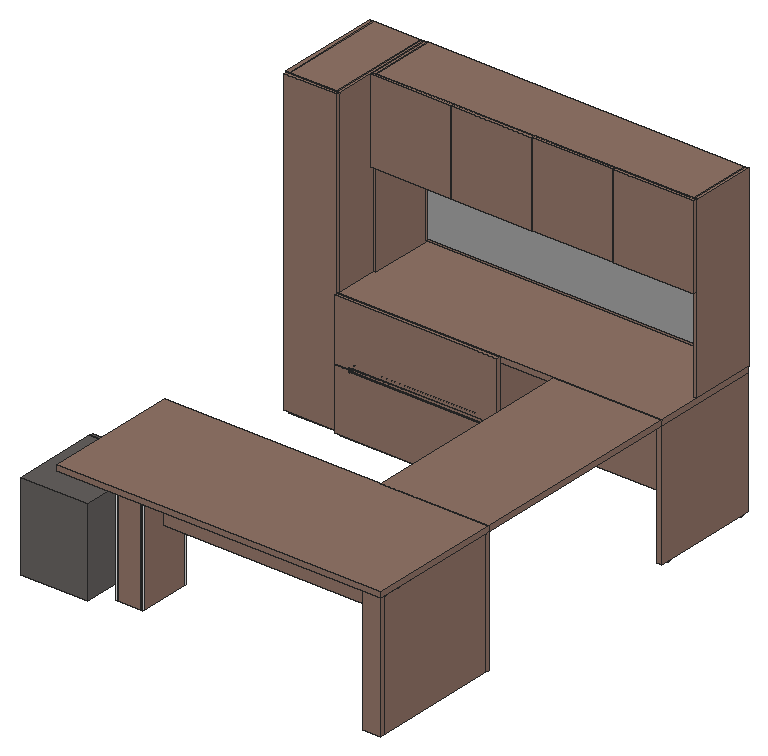
Revit family "OFS TYPICAL T100002", category Furniture, Revit 2022 (continued)
Definition of nested family "OFS SLATE BRIDGES"
  Automatic sketch dimensions
    Extrusion 19 sketch curve to Extrusion 19 sketch curve = 0' - 0 3/4"
    Extrusion 19 sketch curve to plane 17 = 1' - 0 13/16"
    plane 18 to Extrusion 20 sketch curve = 0' - 0"
    plane 19 to Extrusion 20 sketch curve = 0' - 4"
    Extrusion 20 sketch curve to Extrusion 20 sketch curve = 0' - 0 3/4"
    Extrusion 20 sketch curve to plane 17 = 1' - 0 13/16"
    Extrusion 21 sketch curve to plane 17 = 0' - 0"
    plane 5 to Extrusion 21 sketch curve = 0' - 0 1/8"
    Extrusion 21 sketch curve to plane 11 = 0' - 1 3/32"
    Extrusion 21 sketch curve to Extrusion 21 sketch curve = 1' - 0 11/16"
    Extrusion 22 sketch curve to plane 17 = 0' - 0"
    Extrusion 22 sketch curve to plane 11 = 0' - 0 3/32"
    Extrusion 22 sketch curve to plane 15 = 0' - 0 1/8"
    Extrusion 22 sketch curve to plane 17 = 1' - 0 11/16"
  Nested families (in)
    nested 1: "Tag" at (42, -24, 0) x (-1, 0, 0) z (0, 0, 1), visible <- "Bridge Top", type "Center", detail levels fine
      with Offset (LR) 0' - 0", Distance of Center (not Change) 0' - 0.1"
    nested 2: "Tag" at (-42.59375, 0, 0) x (-1, 0, 0) z (0, 0, 1), visible <- "Right Extended Bridge", type "Center", detail levels fine
      with Offset (LR) 0' - 0", Distance of Center (not Change) 0' - 0.1"
    nested 3: "Tag" at (42, 0, 0) x (-1, 0, 0) z (0, 0, 1), visible <- "Left Extended Bridge", type "Center", detail levels fine
      with Offset (LR) 0' - 0", Distance of Center (not Change) 0' - 0.1"
  Definition of nested family "Tag"
    Parameters
      P_Width = 0' - 0"
      Text_Width = "Empty"
      Text_Height = "Empty"
      Text_Diameter = "Empty"
      Text_Depth = "Empty"
      Offset (LR) [instance] = 0' - 0"
      Model Name = "EK-7168-E"
      P_Height = 0' - 0"
      Distance of Center (not Change) = 0' - 0"
      P_Diameter = 0' - 0"
      P_Depth = 0' - 0"
    Reference planes (in)
      plane 1: y = 0
      plane 2: x = 0
    Lines and regions (in)
      reference lines
        curve 1: line (-0.44359, 0, 0) -> (0.41085, 0, 0)
        curve 3: line (0, 0.32564, 0) -> (0, -0.40221, 0)
      reference lines, not visible
        curve 2: line (-0.44359, 0.09843, 0) -> (0.41085, 0.09843, 0)
        curve 4: line (0, 0.42407, 0) -> (0, -0.30379, 0)
    Text (in)
      label "Empty" at (0.00197, -0.0079, 0), shows "Model Name"
      label "Empty" at (0.00197, 0.09052, 0), shows "Model Name", not visible
    Dimensions and locks (in)
      "Distance of Center (not Change)": plane 1 to curve 1
      "Offset (LR)": curve 3 to plane 2
    Automatic sketch dimensions
      curve 1 to curve 3 = 0' - 0.44359"
      curve 3 to curve 1 = 0' - 0.41085"
      curve 3 to curve 1 = 0' - 0.40221"
      curve 1 to curve 3 = 0' - 0.32564"
      curve 2 to curve 4 = 0' - 0.44359"
      curve 4 to curve 2 = 0' - 0.41085"
      curve 4 to curve 2 = 0' - 0.40221"
      curve 2 to curve 4 = 0' - 0.32564"
Definition of nested family "OFS SLATE TACKBOARDS"
  Parameters (values of type "Tackboard 102W x 19D")
    Width = 8' - 6"
    URL = "http://www.ofs.com/"
    Model = "CA-10219HFT"
    Manufacturer = "CAROLINA"
    Height = 1' - 7"
    Elevation [instance] = 2' - 6 1/2"
    Description = "OFS SLATE Inside Back Panel, Fabric Tackboard, 98.50W x 19D x 0,5H, Slate Private Office"
    Default Elevation = 0' - 0"
    Copyright © = "© 2019 OFS"
    Catalog = "https://ofs.com/products/tables/conference/slate"
    Board [instance] = none
    Authoring Version = "Autodesk Revit Architecture 2014"
    Assembly Code = "E2020200"
    2 Piece = Width > 8' 0"  # yes
    1 Piece = not([2 Piece])  # no
  Types (18): name | Width | Model | Height | Description | 2 Piece | 1 Piece
    Tackboard 108W x 25D | 9' - 0" | "CA-10825HFT" | 2' - 1" | "OFS SLATE Inside Back Panel, Fabric Tackboard, 104.50W x 25D x 0,5H, Slate Private Office" | yes | no
    Tackboard 102W x 25D | 8' - 6" | "CA-10225HFT" | 2' - 1" | "OFS SLATE Inside Back Panel, Fabric Tackboard, 98.50W x 25D x 0,5H, Slate Private Office" | yes | no
    Tackboard 96W x 25D | 8' - 0" | "CA-9625HFT" | 2' - 1" | "OFS SLATE Inside Back Panel, Fabric Tackboard, 92.50W x 25D x 0,5H, Slate Private Office" | no | yes
    Tackboard 90W x 25D | 7' - 6" | "CA-9025HFT" | 2' - 1" | "OFS SLATE Inside Back Panel, Fabric Tackboard, 86.50W x 25D x 0,5H, Slate Private Office" | no | yes
    Tackboard 84W x 25D | 7' - 0" | "CA-8425HFT" | 2' - 1" | "OFS SLATE Inside Back Panel, Fabric Tackboard, 80.50W x 25D x 0,5H, Slate Private Office" | no | yes
    Tackboard 78W x 25D | 6' - 6" | "CA-7825HFT" | 2' - 1" | "OFS SLATE Inside Back Panel, Fabric Tackboard, 74.50W x 25D x 0,5H, Slate Private Office" | no | yes
    Tackboard 72W x 25D | 6' - 0" | "CA-7225HFT" | 2' - 1" | "OFS SLATE Inside Back Panel, Fabric Tackboard, 68.50W x 25D x 0,5H, Slate Private Office" | no | yes
    Tackboard 66W x 25D | 5' - 6" | "CA-6625HFT" | 2' - 1" | "OFS SLATE Inside Back Panel, Fabric Tackboard, 62.50W x 25D x 0,5H, Slate Private Office" | no | yes
    Tackboard 60W x 25D | 5' - 0" | "CA-6025HFT" | 2' - 1" | "OFS SLATE Inside Back Panel, Fabric Tackboard, 56.50W x 25D x 0,5H, Slate Private Office" | no | yes
    Tackboard 108W x 19D | 9' - 0" | "CA-10819HFT" | 1' - 7" | "OFS SLATE Inside Back Panel, Fabric Tackboard, 104.50W x 19D x 0,5H, Slate Private Office" | yes | no
    Tackboard 102W x 19D | 8' - 6" | "CA-10219HFT" | 1' - 7" | "OFS SLATE Inside Back Panel, Fabric Tackboard, 98.50W x 19D x 0,5H, Slate Private Office" | yes | no
    Tackboard 96W x 19D | 8' - 0" | "CA-9619HFT" | 1' - 7" | "OFS SLATE Inside Back Panel, Fabric Tackboard, 92.50W x 19D x 0,5H, Slate Private Office" | no | yes
    Tackboard 90W x 19D | 7' - 6" | "CA-9019HFT" | 1' - 7" | "OFS SLATE Inside Back Panel, Fabric Tackboard, 86.50W x 19D x 0,5H, Slate Private Office" | no | yes
    Tackboard 84W x 19D | 7' - 0" | "CA-8419HFT" | 1' - 7" | "OFS SLATE Inside Back Panel, Fabric Tackboard, 80.50W x 19D x 0,5H, Slate Private Office" | no | yes
    Tackboard 78W x 19D | 6' - 6" | "CA-7819HFT" | 1' - 7" | "OFS SLATE Inside Back Panel, Fabric Tackboard, 74.50W x 19D x 0,5H, Slate Private Office" | no | yes
    Tackboard 72W x 19D | 6' - 0" | "CA-7219HFT" | 1' - 7" | "OFS SLATE Inside Back Panel, Fabric Tackboard, 68.50W x 19D x 0,5H, Slate Private Office" | no | yes
    Tackboard 66W x 19D | 5' - 6" | "CA-6619HFT" | 1' - 7" | "OFS SLATE Inside Back Panel, Fabric Tackboard, 62.50W x 19D x 0,5H, Slate Private Office" | no | yes
    Tackboard 60W x 19D | 5' - 0" | "CA-6019HFT" | 1' - 7" | "OFS SLATE Inside Back Panel, Fabric Tackboard, 56.50W x 19D x 0,5H, Slate Private Office" | no | yes
  Reference planes (in)
    plane 1 "Center (Front/Back)": y = 0
    plane 2: z = 0
    plane 3 "Center (Left/Right)": x = 0
    plane 4: x = 51
    plane 5: x = 1.8125
    plane 6: x = 100.1875
    plane 7: x = 102
    plane 8: z = 30.5
    plane 9: z = 49.5
  Forms (in)
    Extrusion 1, solid, material <- "Board", visible <- "1 Piece"
      sketch origin (1.8125, -1.1875, 47.24409) x (0, -1, 0) y (0, 0, 1)
        loop
          line (-0.4375, 2.25591) -> (-0.4375, -16.74409) -> (0, -16.74409) -> (0, 2.25591) -> (-0.4375, 2.25591)
      from 0 to -98.375
    Extrusion 2, solid, material <- "Board", visible <- "2 Piece"
      sketch origin (1.8125, -1.1875, 47.24409) x (0, -1, 0) y (0, 0, 1)
        loop
          line (-0.4375, 2.25591) -> (-0.4375, -16.74409) -> (0, -16.74409) -> (0, 2.25591) -> (-0.4375, 2.25591)
      from 0 to -49.1875
    Extrusion 3, solid, material <- "Board", visible <- "2 Piece"
      sketch origin (58.1875, -1.1875, 47.24409) x (0, -1, 0) y (0, 0, -1)
        loop
          line (-0.4375, -2.25591) -> (0, -2.25591) -> (0, 16.74409) -> (-0.4375, 16.74409) -> (-0.4375, -2.25591)
      from 42 to -7.1875
  Lines and regions (in)
    Masking region 1
      outline origin (71.16612, -60, 49.5) x (0, -1, 0) y (1, 0, 0)
        loop
          line (-59.25, -69.35362) -> (-58.8125, -69.35362) -> (-58.8125, 29.02138) -> (-59.25, 29.02138) -> (-59.25, -69.35362)
    symbolic lines, visible <- "2 Piece", detail levels medium+fine
      curve 1: line (51, -1.1875, 49.5) -> (51, -0.75, 49.5)
  Dimensions and locks (in)
    locked: plane 3 "Center (Left/Right)" to plane 5 at 1.8125
    locked: plane 6 to plane 7 at 1.8125
    "Width": plane 3 "Center (Left/Right)" to plane 7
    equal spacing: plane 5, plane 4, plane 6
    "Elevation": plane 8 to level
    "Height": plane 9 to plane 8
    aligned and locked: level to plane 2
    aligned and locked: plane 8 to Extrusion 1 sketch curve
    aligned and locked: plane 9 to Extrusion 1 sketch curve
    aligned and locked: plane 6 to Extrusion 1
    aligned and locked: Extrusion 2 sketch curve to Extrusion 1  (x2)
    aligned and locked: Extrusion 2 to plane 4
    aligned and locked: plane 4 to Extrusion 3
    aligned and locked: plane 6 to Extrusion 3
    aligned and locked: plane 9 to Extrusion 3 sketch curve
    aligned and locked: plane 8 to Extrusion 3 sketch curve
    aligned and locked: nested 1 to Extrusion 3
    aligned and locked: plane 4 to nested 1
    aligned and locked: Masking region 1 sketch curve to Extrusion 1  (x2)
    aligned and locked: plane 4 to curve 1
  Automatic sketch dimensions
    plane 1 "Center (Front/Back)" to Extrusion 1 sketch curve = 0' - 0 3/4"
    Extrusion 1 sketch curve to Extrusion 1 sketch curve = 0' - 0 7/16"
    plane 1 "Center (Front/Back)" to Extrusion 2 sketch curve = 0' - 0 3/4"
    Extrusion 2 sketch curve to Extrusion 2 sketch curve = 0' - 0 7/16"
    plane 1 "Center (Front/Back)" to Extrusion 3 sketch curve = 0' - 0 3/4"
    Extrusion 3 sketch curve to Extrusion 3 sketch curve = 0' - 0 7/16"
    plane 1 "Center (Front/Back)" to Masking region 1 sketch curve = 0' - 0 3/4"
    Masking region 1 sketch curve to Masking region 1 sketch curve = 0' - 0 7/16"
    plane 1 "Center (Front/Back)" to curve 1 = 0' - 0 3/4"
    plane 1 "Center (Front/Back)" to curve 1 = 0' - 1 3/16"
  Nested families (in)
    nested 1: "Tag" at (51, -1.1875, 0), type "Center", detail levels fine
      with Offset (LR) 0' - 0", Distance of Center (not Change) 0' - 0.11"
  Definition of nested family "Tag"
    Parameters
      P_Width = 0' - 0"
      Text_Width = "Empty"
      Text_Height = "Empty"
      Text_Diameter = "Empty"
      Text_Depth = "Empty"
      Offset (LR) [instance] = 0' - 0"
      Model Name = "Type Catalog"
      P_Height = 0' - 0"
      Distance of Center (not Change) = 0' - 0.1"
      P_Diameter = 0' - 0"
      P_Depth = 0' - 0"
    Reference planes (in)
      plane 1: y = 0
      plane 2: x = 0
    Lines and regions (in)
      reference lines
        curve 1: line (-0.44359, 0.1, 0) -> (0.41085, 0.1, 0)
        curve 3: line (0, 0.42564, 0) -> (0, -0.30221, 0)
      reference lines, not visible
        curve 2: line (-0.44359, 0.09843, 0) -> (0.41085, 0.09843, 0)
        curve 4: line (0, 0.42407, 0) -> (0, -0.30379, 0)
    Text (in)
      label "Empty" at (0.00197, 0.0921, 0), shows "Model Name"
      label "Empty" at (0.00197, 0.09052, 0), shows "Model Name", not visible
    Dimensions and locks (in)
      "Distance of Center (not Change)": plane 1 to curve 1
      "Offset (LR)": curve 3 to plane 2
    Automatic sketch dimensions
      curve 1 to curve 3 = 0' - 0.44359"
      curve 3 to curve 1 = 0' - 0.41085"
      curve 3 to curve 1 = 0' - 0.40221"
      curve 1 to curve 3 = 0' - 0.32564"
      curve 2 to curve 4 = 0' - 0.44359"
      curve 4 to curve 2 = 0' - 0.41085"
      curve 4 to curve 2 = 0' - 0.40221"
      curve 2 to curve 4 = 0' - 0.32564"
Definition of nested family "OFS SLATE CREDENZA SINGLE LATERAL FILE"
  Parameters (values of type "Credenza Single Lateral 108W Left, 36 file")
    Width = 9' - 0"
    URL = "http://www.ofs.com/"
    Type = 2
    Top [instance] = none
    Right = Type = 1  # no
    Panel [instance] = none
    Mount Panel [instance] = none
    Model = "CA-10824CRLL-2"
    Manufacturer = "CAROLINA"
    Length = if(Width = 6' 0", 3' 0", if(Width = 7' 6", 1' 6", if(Width = 9' 0", 3' 0", 2' 6")))  # 3' - 0"
    Left = Type = 2  # yes
    Glides [instance] = none
    Drawers [instance] = none
    Description = "OFS SLATE Credenza Single Lateral Left, 36 File 108W x 24D x 29,25H, Slate Private Office"
    Default Elevation = 0' - 0"
    Copyright © = "© 2019 OFS"
    Catalog = "https://ofs.com/products/tables/conference/slate"
    Case [instance] = none
    Base [instance] = none
    Authoring Version = "Autodesk Revit Architecture 2014"
    Assembly Code = "E2020200"
    Acessories = Width > 6' 0"  # yes
  Types (10): name | Width | Type | Right | Model | Length | Left | Description | Acessories
    Credenza Single Lateral 108W Left, 36 file | 9' - 0" | 2 | no | "CA-10824CRLL-2" | 3' - 0" | yes | "OFS SLATE Credenza Single Lateral Left, 36 File 108W x 24D x 29,25H, Slate Private Office" | yes
    Credenza Single Lateral 90W Left, 36 file | 7' - 6" | 2 | no | "CA-9024CRLL-2" | 1' - 6" | yes | "OFS SLATE Credenza Single Lateral Left, 36 File 90W x 24D x 29,25H, Slate Private Office" | yes
    Credenza Single Lateral 72W Left, 36 file | 6' - 0" | 2 | no | "CA-7224CRLL-2" | 3' - 0" | yes | "OFS SLATE Credenza Single Lateral Left, 36 File 72W x 24D x 29,25H, Slate Private Office" | no
    Credenza Single Lateral 66W Left, 30 file | 5' - 6" | 2 | no | "CA-6624CRLL-2" | 2' - 6" | yes | "OFS SLATE Credenza Single Lateral Left, 30 File 66W x 24D x 29,25H, Slate Private Office" | no
    Credenza Single Lateral 60W Left, 30 file | 5' - 0" | 2 | no | "CA-6024CRLL-2" | 2' - 6" | yes | "OFS SLATE Credenza Single Lateral Left, 30 File 60W x 24D x 29,25H, Slate Private Office" | no
    Credenza Single Lateral 108W Right, 36 file | 9' - 0" | 1 | yes | "CA-10824CRRL-2" | 3' - 0" | no | "OFS SLATE Credenza Single Lateral Right, 36 File 108W x 24D x 29,25H, Slate Private Office" | yes
    Credenza Single Lateral 90W Right, 36 file | 7' - 6" | 1 | yes | "CA-9024CRRL-2" | 1' - 6" | no | "OFS SLATE Credenza Single Lateral Right, 36 File 90W x 24D x 29,25H, Slate Private Office" | yes
    Credenza Single Lateral 72W Right, 36 file | 6' - 0" | 1 | yes | "CA-7224CRRL-2-2" | 3' - 0" | no | "OFS SLATE Credenza Single Lateral Right, 36 File 72W x 24D x 29,25H, Slate Private Office" | no
    Credenza Single Lateral 66W Right, 30 file | 5' - 6" | 1 | yes | "CA-6624CRRL-2" | 2' - 6" | no | "OFS SLATE Credenza Single Lateral Right, 30 File 66W x 24D x 29,25H, Slate Private Office" | no
    Credenza Single Lateral 60W Right, 30 file | 5' - 0" | 1 | yes | "CA-6024CRRL-2" | 2' - 6" | no | "OFS SLATE Credenza Single Lateral Right, 30 File 60W x 24D x 29,25H, Slate Private Office" | no
  Reference planes (in)
    plane 1 "Center (Front/Back)": y = 0
    plane 2: z = 0
    plane 3 "Center (Left/Right)": x = 0
    plane 4: x = -108
    plane 5: z = 29.2
    plane 6: z = 28.0125
    plane 7: z = 27.2625
    plane 8: z = 14.45
    plane 9: z = 15.48125
    plane 10: z = 0.45
    plane 11: y = 24
    plane 12: y = 12
    plane 13: y = 22.62456
    plane 14: y = 2.25044
    plane 15: x = 108
  Dimensions and locks (in)
    "Width": plane 4 to plane 3 "Center (Left/Right)"
    equal spacing: plane 11, plane 12, plane 1 "Center (Front/Back)"
    locked: plane 11 to plane 1 "Center (Front/Back)" at 24
    equal spacing: plane 4, nested 1, plane 3 "Center (Left/Right)"
    "Width": plane 15 to plane 3 "Center (Left/Right)"
    equal spacing: plane 15, nested 2, plane 3 "Center (Left/Right)"
    aligned and locked: level to plane 2
  Nested families (in)
    nested 1: "Tag" at (-54, -0.82971, 0) x (-1, 0, 0) z (0, 0, 1), visible <- "Left", type "Center", detail levels fine
      with Offset (LR) 0' - 0", Distance of Center (not Change) 0' - 0.11"
    nested 2: "Tag" at (54, -0.82971, 0), visible <- "Right", type "Center", detail levels fine
      with Offset (LR) 0' - 0", Distance of Center (not Change) 0' - 0.11"
    nested 3: "OFS_Slate Private Office_Credenza_Single_Lateral_File" at (0, 0, 0), visible <- "Left", Top <- "Top", Panel <- "Panel", Mount Panel <- "Mount Panel", Glides <- "Glides", Drawers <- "Drawers", Case <- "Case", Base <- "Base", type "OFS_Slate Private Office_Credenza_Single_Lateral_File"
      with Top none, Right no, Panel none, Mount Panel none, Left yes, Glides none, Drawers none, Case none, Base none, Width 9' - 0", Length 3' - 0", Acessories yes
    nested 4: "OFS_Slate Private Office_Credenza_Single_Lateral_File" at (0, 0, 0) x (-1, 0, 0) z (0, 0, 1), visible <- "Right", Top <- "Top", Panel <- "Panel", Mount Panel <- "Mount Panel", Glides <- "Glides", Drawers <- "Drawers", Case <- "Case", Base <- "Base", type "OFS_Slate Private Office_Credenza_Single_Lateral_File"
      with Top none, Right no, Panel none, Mount Panel none, Left yes, Glides none, Drawers none, Case none, Base none, Width 9' - 0", Length 3' - 0", Acessories yes
  Definition of nested family "OFS_Slate Private Office_Credenza_Single_Lateral_File"
    Parameters
      Width = 5' - 0"
      URL = "http://www.ofsbrands.com/"
      Top [instance] = none
      Right [instance] = yes
      Panel [instance] = none
      Mount Panel [instance] = none
      Model = "Type Catalog"
      Manufacturer = "OFS BRANDS"  # constant formula
      Length = if(Width = 6' 0", 3' 0", if(Width = 7' 6", 1' 6", if(Width = 9' 0", 3' 0", 2' 6")))  # 2' - 6"
      Left [instance] = yes
      Glides [instance] = none
      Drawers [instance] = none
      Description = "Type Catalog"
      Default Elevation = 0' - 0"
      Copyright © = "© 2016 OFS BRANDS"  # constant formula
      Catalog = "OFS"  # constant formula
      Case [instance] = none
      Base [instance] = none
      Authoring Version = "Autodesk Revit Architecture 2014"  # constant formula
      Assembly Code = "E2020200"
      Acessories = Width > 6' 0"  # no
    Reference planes (in)
      plane 1 "Center (Front/Back)": y = 0
      plane 2: z = 0
      plane 3 "Center (Left/Right)": x = 0
      plane 4: x = -60
      plane 5: z = 29.2
      plane 6: z = 28.0125
      plane 7: z = 27.2625
      plane 8: z = 14.45
      plane 9: z = 15.48125
      plane 10: z = 0.45
      plane 11: x = -30
      plane 12: y = 24
      plane 13: y = 12
      plane 14: y = 22.62456
      plane 15: y = 2.25044
      plane 16: x = -58.6091
      plane 17: x = -31.3909
      plane 18: x = -0.59375
      plane 19: x = -30
      plane 20: x = -36.59375
    Forms (in)
      Revolve 1, solid, material <- "Glides"
        sketch origin (-58.6091, 22.99766, 47.24409) x (0, -1, 0) y (0, 0, 1)
          loop
            line (0.3731, -47.24409) -> (0.3731, -46.79409) -> (0.08442, -46.79409) -> (0.08442, -46.99165)
            arc (0.08442, -46.99165) -> (-0.00059, -47.13636) -> (0.1281, -47.24409) r 0.12988
            line (0.1281, -47.24409) -> (0.3731, -47.24409)
          axis (0.3731, -46.79409) -> (0.3731, -47.24409)
        angle from 0 to 360
      Revolve 2, solid, material <- "Glides"
        sketch origin (-58.6091, 1.00234, 47.24409) x (0, 1, 0) y (0, 0, -1)
          loop
            line (1.2481, 47.24409) -> (1.0031, 47.24409)
            arc (1.0031, 47.24409) -> (0.87441, 47.13636) -> (0.95942, 46.99165) r 0.12988
            line (0.95942, 46.99165) -> (0.95942, 46.79409) -> (1.2481, 46.79409) -> (1.2481, 47.24409)
          axis (1.2481, 46.79409) -> (1.2481, 47.24409)
        angle from 0 to 360
      Revolve 3, solid, material <- "Glides"
        sketch origin (-31.3909, 22.99766, 47.24409) x (0, -1, 0) y (0, 0, 1)
          loop
            line (0.3731, -47.24409) -> (0.3731, -46.79409) -> (0.08442, -46.79409) -> (0.08442, -46.99165)
            arc (0.08442, -46.99165) -> (-0.00059, -47.13636) -> (0.1281, -47.24409) r 0.12988
            line (0.1281, -47.24409) -> (0.3731, -47.24409)
          axis (0.3731, -46.79409) -> (0.3731, -47.24409)
        angle from 0 to 360
      Revolve 4, solid, material <- "Glides"
        sketch origin (-31.3909, 22.99766, 47.24409) x (0, -1, 0) y (0, 0, 1)
          loop
            line (20.74722, -47.24409) -> (20.99222, -47.24409)
            arc (20.99222, -47.24409) -> (21.12091, -47.13636) -> (21.0359, -46.99165) r 0.12988
            line (21.0359, -46.99165) -> (21.0359, -46.79409) -> (20.74722, -46.79409) -> (20.74722, -47.24409)
          axis (20.74722, -46.79409) -> (20.74722, -47.24409)
        angle from 0 to 360
      Revolve 5, solid, material <- "Glides"
        sketch origin (-0.59375, 22.99766, 47.24409) x (0, -1, 0) y (0, 0, 1)
          loop
            line (0.3731, -47.24409) -> (0.3731, -46.79409) -> (0.08442, -46.79409) -> (0.08442, -46.99165)
            arc (0.08442, -46.99165) -> (-0.00059, -47.13636) -> (0.1281, -47.24409) r 0.12988
            line (0.1281, -47.24409) -> (0.3731, -47.24409)
          axis (0.3731, -46.79409) -> (0.3731, -47.24409)
        angle from 0 to 360
      Revolve 6, solid, material <- "Glides"
        sketch origin (-0.59375, 22.99766, 47.24409) x (0, -1, 0) y (0, 0, 1)
          loop
            line (20.74722, -47.24409) -> (20.99222, -47.24409)
            arc (20.99222, -47.24409) -> (21.12091, -47.13636) -> (21.0359, -46.99165) r 0.12988
            line (21.0359, -46.99165) -> (21.0359, -46.79409) -> (20.74722, -46.79409) -> (20.74722, -47.24409)
          axis (20.74722, -46.79409) -> (20.74722, -47.24409)
        angle from 0 to 360
      Extrusion 7, solid, material <- "Mount Panel"
        sketch origin (0, 0, 0) x (1, 0, 0) y (0, 1, 0)
          loop
            line (-30, 24) -> (-30, 20.75) -> (-29.25, 20.75) -> (-29.25, 24) -> (-30, 24)
          loop
            line (-1.9375, 24) -> (-1.9375, 20.75) -> (-1.1875, 20.75) -> (-1.1875, 24) -> (-1.9375, 24)
        from 0.45 to 28.0125
      Extrusion 8, solid, material <- "Mount Panel"
        sketch origin (0, 0, 0) x (1, 0, 0) y (0, 0, 1)
          loop
            line (-30, 14.45) -> (-30, 0.45) -> (-1.1875, 0.45) -> (-1.1875, 14.45) -> (-30, 14.45)
        from -20.75 to -20
      Extrusion 9, solid, material <- "Mount Panel"
        sketch origin (0, 0, 0) x (1, 0, 0) y (0, 0, 1)
          loop
            line (-29.875, 14.575) -> (-1.3125, 14.575) -> (-1.3125, 27.2625) -> (-29.875, 27.2625) -> (-29.875, 14.575)
        from -20 to -20.75
      Extrusion 10, solid, material <- "Top"
        sketch origin (-58.6091, 22.99766, 47.24409) x (0, -1, 0) y (0, 0, 1)
          loop
            line (-1.00234, -18.04409) -> (-1.00234, -19.2316) -> (22.99766, -19.2316) -> (22.99766, -18.04409) -> (-1.00234, -18.04409)
        from 1.3909 to -58.6091
      Extrusion 11, solid, material <- "Case"
        sketch origin (0, 0, 0) x (1, 0, 0) y (0, 0, 1)
          loop
            line (-60, 28.0125) -> (-60, 1.7) -> (-59.25, 1.7) -> (-59.25, 28.0125) -> (-60, 28.0125)
        from 0 to -24
      Sweep 12, solid, material <- "Case"
        path origin (4.6577, -60, 0.45) x (0, -1, 0) y (1, 0, 0)
          loop
            line (-84, -63.9077) -> (-61.625, -63.9077) -> (-61.625, -35.4077) -> (-84, -35.4077)
        profile origin (-45, 1.625, 0.45) x (0, 1, 0) y (0, 0, 1)
          loop
            line (0, 0) -> (0, 1.25) -> (-0.75, 1.25) -> (-0.75, 0) -> (0, 0)
      Extrusion 13, solid, material <- "Case"
        sketch origin (-30, 29.25769, 47.24409) x (0, -1, 0) y (0, 0, 1)
          loop
            line (29.25769, -45.54409) -> (29.25769, -19.2316) -> (5.25769, -19.2316) -> (5.25769, -45.54409) -> (29.25769, -45.54409)
        from 0 to 0.75
      Extrusion 14, solid, material <- "Drawers"
        sketch origin (0, 0, 0) x (1, 0, 0) y (0, 0, 1)
          loop
            line (-59.875, 29.1375) -> (-59.875, 15.48125) -> (-30, 15.48125) -> (-30, 29.1375) -> (-59.875, 29.1375)
          loop
            line (-30, 15.35625) -> (-59.875, 15.35625) -> (-59.875, 1.7) -> (-30, 1.7) -> (-30, 15.35625)
        from 0.08661 to 0.83661
      Extrusion 15, solid, material <- "Case"
        sketch origin (4.6577, -60, 0.45) x (0, -1, 0) y (-1, 0, 0)
          loop
            line (-83.25, 63.9077) -> (-83.25, 62.4077) -> (-81.75, 62.4077) -> (-81.75, 63.9077) -> (-83.25, 63.9077)
          loop
            line (-63.125, 62.4077) -> (-61.625, 62.4077) -> (-61.625, 63.9077) -> (-63.125, 63.9077) -> (-63.125, 62.4077)
          loop
            line (-63.125, 36.9077) -> (-63.125, 35.4077) -> (-61.625, 35.4077) -> (-61.625, 36.9077) -> (-63.125, 36.9077)
          loop
            line (-83.25, 36.9077) -> (-83.25, 35.4077) -> (-81.75, 35.4077) -> (-81.75, 36.9077) -> (-83.25, 36.9077)
        from 0 to -1.25
      Extrusion 16, solid, material <- "Base"
        sketch origin (-59.875, 0, 1.7) x (0, -1, 0) y (-1, 0, 0)
          loop
            line (-23.25, -0.625) -> (-23.25, -29.125) -> (0, -29.125) -> (0, -0.625) -> (-23.25, -0.625)
        from 0 to -0.75
      Sweep 17, void
        path origin (0, -0.83661, 0) x (1, 0, 0) y (0, 0, 1)
          loop
            arc (-56.31491, 16.23051) -> (-57.12667, 15.41875) -> (-56.31491, 14.60699) r 0.81176
            line (-56.31491, 14.60699) -> (-33.56009, 14.60699)
            arc (-33.56009, 14.60699) -> (-32.74833, 15.41875) -> (-33.56009, 16.23051) r 0.81176
            line (-33.56009, 16.23051) -> (-56.31491, 16.23051)
        profile origin (-44.9375, -0.83661, 16.23051) x (0, 0, 1) y (0, -1, 0)
          loop
            line (-0.74926, 0) -> (-0.74926, -0.59375) -> (-0.23321, -0.59375)
            arc (-0.23321, -0.59375) -> (-0.00108, -0.37984) -> (-0.19535, -0.13104) r 0.23291
            arc (-0.19535, -0.13104) -> (-0.23397, -0.10917) -> (-0.24927, -0.06751) r 0.06438
            line (-0.24927, -0.06751) -> (-0.24927, 0) -> (-0.74926, 0)
      Extrusion 18, solid, material <- "Panel"
        sketch origin (0, 0, 0) x (1, 0, 0) y (0, 0, 1)
          loop
            line (-1.1875, 28.0125) -> (-1.1875, 0.45) -> (0, 0.45) -> (0, 28.0125) -> (-1.1875, 28.0125)
        from 0 to -24
      Extrusion 19, solid, material <- "Case"
        sketch origin (-59.875, 0, 1.7) x (0, -1, 0) y (-1, 0, 0)
          loop
            line (-23.25, -0.625) -> (-24, -0.625) -> (-24, -29.125) -> (-23.25, -29.125) -> (-23.25, -0.625)
        from 1.25 to -26.3125
      Extrusion 20, solid, material <- "Mount Panel", visible <- "Acessories"
        sketch origin (-36.59375, 20.75, 47.24409) x (0, 1, 0) y (0, 0, 1)
          loop
            line (3.25, -19.2316) -> (0, -19.2316) -> (0, -46.79409) -> (3.25, -46.79409) -> (3.25, -19.2316)
        from -0.375 to 0.375
      Extrusion 21, void
        sketch origin (-78.64777, -60, 29.2) x (0, -1, 0) y (-1, 0, 0)
          loop
            line (-80.75, -41.92902) -> (-80.75, -42.17902) -> (-80, -42.17902) -> (-80, -41.92902) -> (-80.75, -41.92902)
        from 1.9375 to 14.625
    Cuts and joins
      Sweep 17 cuts Extrusion 14
      joined: Revolve 1, Revolve 2, Revolve 3, Revolve 4, Revolve 5, Revolve 6
      joined: Extrusion 11, Sweep 12, Extrusion 13, Extrusion 19
      Extrusion 21 cuts Extrusion 9
      Extrusion 21 cuts Extrusion 20
    Lines and regions (in)
      Masking region 1
        outline origin (-78.64777, -60, 29.2) x (-1, 0, 0) y (0, -1, 0)
          loop
            line (-18.64777, -84) -> (-18.64777, -60) -> (-78.64777, -60) -> (-78.64777, -84) -> (-18.64777, -84)
          loop
            line (-18.77276, -59.16339) -> (-48.64777, -59.16339) -> (-48.64777, -59.91339) -> (-18.77276, -59.91339) -> (-18.77276, -59.16339)
      reference lines, visible <- "Left"
        curve 1: line (-60, -4.62788, 29.2) -> (-60, 29.25769, 29.2)
      reference lines, visible <- "Right"
        curve 2: line (0, -4.62788, 29.2) -> (0, 29.25769, 29.2)
    Dimensions and locks (in)
      "Width": plane 4 to plane 3 "Center (Left/Right)"
      equal spacing: plane 12, plane 13, plane 1 "Center (Front/Back)"
      locked: plane 12 to plane 1 "Center (Front/Back)" at 24
      locked: plane 18 to plane 3 "Center (Left/Right)" at 0.59375
      "Length": plane 4 to plane 19
      locked: plane 4 to plane 16 at 1.3909
      locked: plane 17 to plane 19 at 1.3909
      locked: plane 11 to Extrusion 7 sketch curve at 0.75
      locked: Extrusion 7 sketch curve to plane 18 at 1.34375
      locked: plane 4 to Sweep 12 sketch curve at 0.75
      locked: Sweep 12 sketch curve to plane 19 at 0.75
      Extrusion 15 sketch curve to Extrusion 15 sketch curve to plane 19 = 0' - 1 1/2" locked, 0' - 0 3/4" locked
      locked: plane 4 to Extrusion 16 sketch curve at 0.75
      locked: Extrusion 16 sketch curve to plane 19 at 0.75
      locked: plane 19 to plane 11
      plane 4 to plane 3 "Center (Left/Right)" = 5' - 0"
      locked: plane 4 to Sweep 17 sketch curve at 3.68509
      locked: Sweep 17 sketch curve to plane 19 at 3.56009
      locked: plane 20 to plane 18 at 36
      Extrusion 21 sketch curve to plane 20 to Extrusion 21 sketch curve = 0' - 0 1/8" locked, 0' - 0 1/8" locked
      aligned and locked: level to plane 2
      aligned and locked: Extrusion 7 sketch curve to plane 11
      aligned and locked: Extrusion 10 sketch curve to plane 5
      aligned and locked: Extrusion 10 sketch curve to plane 12
      aligned and locked: Extrusion 10 sketch curve to plane 6
      aligned and locked: Extrusion 10 sketch curve to plane 1 "Center (Front/Back)"
      aligned and locked: plane 4 to Extrusion 10
      aligned and locked: plane 3 "Center (Left/Right)" to Extrusion 10
      aligned and locked: Extrusion 15 sketch curve to Extrusion 15 sketch curve  (x2)
      aligned and locked: Masking region 1 sketch curve to Sweep 12  (x2)
      aligned and locked: Masking region 1 sketch curve to Extrusion 10  (x2)
    Automatic sketch dimensions
      plane 10 to Revolve 1 sketch curve = 0' - 0"
      Revolve 1 sketch curve to level = 0' - 0"  (x2)
      Revolve 1 sketch curve to plane 14 = 0' - 0"  (x2)
      plane 14 to Revolve 1 sketch curve = 0' - 0.245"
      Revolve 1 sketch curve to Revolve 1 sketch curve = 0' - 0.00072"
      Revolve 1 sketch curve to Revolve 1 sketch curve = 0' - 0 11/256"
      level to Revolve 1 sketch curve = 0' - 0.12988"
      Revolve 1 sketch curve to level = 0' - 0.06704"
      plane 10 to Revolve 2 sketch curve = 0' - 0"
      Revolve 2 sketch curve to level = 0' - 0"  (x2)
      Revolve 2 sketch curve to plane 15 = 0' - 0"  (x2)
      Revolve 2 sketch curve to Revolve 2 sketch curve = 0' - 0.245"
      Revolve 2 sketch curve to Revolve 2 sketch curve = 0' - 0.00072"
      Revolve 2 sketch curve to Revolve 2 sketch curve = 0' - 0 11/256"
      Revolve 2 sketch curve to Revolve 2 sketch curve = 0' - 0.19756"
      Revolve 2 sketch curve to level = 0' - 0.06704"
      plane 10 to Revolve 3 sketch curve = 0' - 0"
      Revolve 3 sketch curve to level = 0' - 0"  (x2)
      Revolve 3 sketch curve to plane 14 = 0' - 0"  (x2)
      Revolve 3 sketch curve to plane 14 = 0' - 0.245"
      Revolve 3 sketch curve to Revolve 3 sketch curve = 0' - 0.00072"
      Revolve 3 sketch curve to Revolve 3 sketch curve = 0' - 0 11/256"
      Revolve 3 sketch curve to level = 0' - 0.12988"
      level to Revolve 3 sketch curve = 0' - 0.06704"
      Revolve 4 sketch curve to level = 0' - 0"  (x2)
      Revolve 4 sketch curve to plane 15 = 0' - 0"  (x2)
      plane 10 to Revolve 4 sketch curve = 0' - 0"
      plane 15 to Revolve 4 sketch curve = 0' - 0.245"
      Revolve 4 sketch curve to Revolve 4 sketch curve = 0' - 0.00072"
      plane 15 to Revolve 4 sketch curve = 0' - 0.28868"
      Revolve 4 sketch curve to level = 0' - 0.12988"
      level to Revolve 4 sketch curve = 0' - 0.06704"
      plane 10 to Revolve 5 sketch curve = 0' - 0"
      Revolve 5 sketch curve to level = 0' - 0"  (x2)
      Revolve 5 sketch curve to plane 14 = 0' - 0"  (x2)
      Revolve 5 sketch curve to Revolve 5 sketch curve = 0' - 0.245"
      Revolve 5 sketch curve to Revolve 5 sketch curve = 0' - 0.00072"
      Revolve 5 sketch curve to Revolve 5 sketch curve = 0' - 0 11/256"
      Revolve 5 sketch curve to level = 0' - 0.12988"
      level to Revolve 5 sketch curve = 0' - 0.06704"
      Revolve 6 sketch curve to level = 0' - 0"  (x2)
      Revolve 6 sketch curve to plane 15 = 0' - 0"  (x2)
      plane 10 to Revolve 6 sketch curve = 0' - 0"
      plane 15 to Revolve 6 sketch curve = 0' - 0.245"
      Revolve 6 sketch curve to Revolve 6 sketch curve = 0' - 0.00072"
      plane 15 to Revolve 6 sketch curve = 0' - 0.28868"
      Revolve 6 sketch curve to level = 0' - 0.12988"
      level to Revolve 6 sketch curve = 0' - 0.06704"
      Extrusion 7 sketch curve to plane 12 = 0' - 0"  (x2)
      Extrusion 7 sketch curve to plane 18 = 0' - 0 19/32"
      Extrusion 7 sketch curve to plane 14 = 0' - 1.87456"  (x2)
      Extrusion 8 sketch curve to plane 10 = 0' - 0"
      plane 11 to Extrusion 8 sketch curve = 0' - 0"
      Extrusion 8 sketch curve to plane 8 = 0' - 0"
      Extrusion 8 sketch curve to plane 18 = 0' - 0 19/32"
      Extrusion 9 sketch curve to plane 7 = 0' - 0"
      Extrusion 9 sketch curve to plane 11 = 0' - 0 1/8"
      Extrusion 9 sketch curve to plane 18 = 0' - 0 23/32"
      Extrusion 9 sketch curve to plane 8 = 0' - 0 1/8"
      plane 4 to Extrusion 11 sketch curve = 0' - 0"
      Extrusion 11 sketch curve to plane 6 = 0' - 0"
      plane 16 to Extrusion 11 sketch curve = 0' - 0.6409"
      Extrusion 11 sketch curve to plane 10 = 0' - 1 1/4"
      Sweep 12 sketch curve to plane 1 "Center (Front/Back)" = 0' - 1 5/8"
      plane 14 to Sweep 12 sketch curve = 0' - 1.37544"  (x2)
      plane 10 to Sweep 12 sketch curve = 0' - 0"
      Sweep 12 sketch curve to profile plane = 0' - 0"
      profile plane to Sweep 12 sketch curve = 0' - 0 3/4"
      Sweep 12 sketch curve to plane 10 = 0' - 1 1/4"
      Extrusion 13 sketch curve to plane 12 = 0' - 0"
      Extrusion 13 sketch curve to plane 1 "Center (Front/Back)" = 0' - 0"
      plane 6 to Extrusion 13 sketch curve = 0' - 0"
      Extrusion 13 sketch curve to plane 10 = 0' - 1 1/4"
      Extrusion 14 sketch curve to plane 5 = 0' - 0 1/16"
      Extrusion 14 sketch curve to plane 9 = 0' - 0"
      plane 11 to Extrusion 14 sketch curve = 0' - 0"  (x2)
      plane 16 to Extrusion 14 sketch curve = 0' - 1.26591"
      Extrusion 14 sketch curve to Extrusion 14 sketch curve = 0' - 0"
      Extrusion 14 sketch curve to Extrusion 14 sketch curve = 0' - 0 1/8"
      Extrusion 14 sketch curve to plane 10 = 0' - 1 1/4"
      plane 14 to Extrusion 15 sketch curve = 0' - 0.62544"  (x2)
      Extrusion 15 sketch curve to plane 14 = 0' - 0.87456"  (x2)
      plane 15 to Extrusion 15 sketch curve = 0' - 0.87456"  (x2)
      Extrusion 15 sketch curve to plane 15 = 0' - 0.62544"  (x2)
      plane 16 to Extrusion 15 sketch curve = 0' - 0.6409"  (x2)
      Extrusion 15 sketch curve to plane 16 = 0' - 0.8591"  (x2)
      Extrusion 14 to Extrusion 16 sketch curve = 1' - 11.33661"
      Extrusion 14 to Extrusion 16 sketch curve = 0' - 0.08661"
      Sweep 17 sketch curve to Extrusion 14 = 0' - 0.74926"
      Extrusion 14 to Sweep 17 sketch curve = 0' - 0 1/16"
      Sweep 17 sketch curve to profile plane = 0' - 0"
      profile plane to Sweep 17 sketch curve = 0' - 0.74926"
      Sweep 17 sketch curve to profile plane = 0' - 0.06751"
      profile plane to Sweep 17 sketch curve = 0' - 0.24927"
      profile plane to Sweep 17 sketch curve = 0' - 0.23321"
      Sweep 17 sketch curve to Sweep 17 sketch curve = 0' - 0.06438"
      Sweep 17 sketch curve to Sweep 17 sketch curve = 0' - 0.29333"
      Sweep 17 sketch curve to Sweep 17 sketch curve = 0' - 0.23291"
      Extrusion 18 sketch curve to plane 10 = 0' - 0"
      Extrusion 18 sketch curve to plane 6 = 0' - 0"
      Extrusion 18 sketch curve to plane 3 "Center (Left/Right)" = 0' - 0"
      Extrusion 18 sketch curve to plane 18 = 0' - 0 19/32"
      Extrusion 19 sketch curve to Extrusion 14 = 0' - 0 5/8"
      Extrusion 14 to Extrusion 19 sketch curve = 2' - 0.08661"
      Extrusion 19 sketch curve to Extrusion 19 sketch curve = 0' - 0 3/4"
      Extrusion 14 to Extrusion 19 sketch curve = 0' - 0 3/4"
      Masking region 1 sketch curve to plane 11 = 0' - 0"
      Masking region 1 sketch curve to plane 4 = 0' - 0 1/8"
      plane 1 "Center (Front/Back)" to Masking region 1 sketch curve = 0' - 0.08661"
      Masking region 1 sketch curve to Masking region 1 sketch curve = 0' - 0 3/4"
      plane 6 to Extrusion 20 sketch curve = 0' - 0"
      plane 10 to Extrusion 20 sketch curve = 0' - 0"
      Extrusion 20 sketch curve to plane 14 = 0' - 1.87456"
      plane 14 to Extrusion 20 sketch curve = 0' - 1.37544"
      Extrusion 21 sketch curve to plane 14 = 0' - 1.87456"
      Extrusion 21 sketch curve to Extrusion 21 sketch curve = 0' - 0 3/4"
      curve 2 to plane 3 "Center (Left/Right)" = 0' - 0"
      curve 1 to plane 4 = 0' - 0"
      plane 12 to curve 1 = 0' - 5.25769"
      plane 12 to curve 2 = 0' - 5.25769"
      plane 1 "Center (Front/Back)" to curve 2 = 0' - 4.62788"
      plane 1 "Center (Front/Back)" to curve 1 = 0' - 4.62788"
  Definition of nested family "Tag"
    Parameters
      P_Width = 0' - 0"
      Text_Width = "Empty"
      Text_Height = "Empty"
      Text_Diameter = "Empty"
      Text_Depth = "Empty"
      Offset (LR) [instance] = 0' - 0"
      Model Name = ""
      P_Height = 0' - 0"
      Distance of Center (not Change) = 0' - 0"
      P_Diameter = 0' - 0"
      P_Depth = 0' - 0"
    Reference planes (in)
      plane 1: y = 0
      plane 2: x = 0
    Lines and regions (in)
      reference lines
        curve 1: line (-0.44359, 0, 0) -> (0.41085, 0, 0)
        curve 3: line (0, 0.32564, 0) -> (0, -0.40221, 0)
      reference lines, not visible
        curve 2: line (-0.44359, 0.09843, 0) -> (0.41085, 0.09843, 0)
        curve 4: line (0, 0.42407, 0) -> (0, -0.30379, 0)
    Text (in)
      label "Empty" at (0.00197, -0.0079, 0), shows "Model Name"
      label "Empty" at (0.00197, 0.09052, 0), shows "Model Name", not visible
    Dimensions and locks (in)
      "Distance of Center (not Change)": plane 1 to curve 1
      "Offset (LR)": curve 3 to plane 2
    Automatic sketch dimensions
      curve 1 to curve 3 = 0' - 0.44359"
      curve 3 to curve 1 = 0' - 0.41085"
      curve 3 to curve 1 = 0' - 0.40221"
      curve 1 to curve 3 = 0' - 0.32564"
      curve 2 to curve 4 = 0' - 0.44359"
      curve 4 to curve 2 = 0' - 0.41085"
      curve 4 to curve 2 = 0' - 0.40221"
      curve 2 to curve 4 = 0' - 0.32564"
Definition of nested family "OFS SLATE PENINSULA WORKTABLE WITH POST BASE"
  Parameters (values of type "Arc Left - 60"W x 30"D")
    Width = 5' - 0"
    URL = "http://www.ofs.com/"
    Top [instance] = none
    Right = no
    Rectangular Top = no
    Panel [instance] = none
    Model = "CA-6030WPWABL"
    Mid Panel [instance] = none
    Manufacturer = "CAROLINA"
    Left = yes
    Glides [instance] = none
    Description = "OFS CAROLINA SLATE Peninsula Work Table Arc End Top, Post Base Left, 60W x 30D x 29.25H, Slate Private Office"
    Depth = 2' - 6"
    Default Elevation = 0' - 0"
    Copyright © = "© 2019 OFS"
    Catalog = "https://ofs.com/products/casegoods/private-office/"
    Case [instance] = none
    Base Support Wood [instance] = none
    Base Support Metal [instance] = none
    Authoring Version = "Autodesk Revit Architecture 2014"
    Assembly Code = "E2020200"
    Arc End Top = yes
  Types (24): name | Width | Right | Rectangular Top | Model | Left | Description | Depth | Arc End Top
    Arc Left - 84"W x 36"D | 7' - 0" | no | no | "CA-8436WPWABL" | yes | "OFS CAROLINA SLATE Peninsula Work Table Arc End Top, Post Base Left, 84W x 36D x 29.25H, Slate Private Office" | 3' - 0" | yes
    Arc Left - 78"W x 36"D | 6' - 6" | no | no | "CA-7836WPWABL" | yes | "OFS CAROLINA SLATE Peninsula Work Table Arc End Top, Post Base Left, 78W x 36D x 29.25H, Slate Private Office" | 3' - 0" | yes
    Arc Left - 72"W x 36"D | 6' - 0" | no | no | "CA-7236WPWABL" | yes | "OFS CAROLINA SLATE Peninsula Work Table Arc End Top, Post Base Left, 72W x 36D x 29.25H, Slate Private Office" | 3' - 0" | yes
    Arc Left - 72"W x 30"D | 6' - 0" | no | no | "CA-7230WPWABL" | yes | "OFS CAROLINA SLATE Peninsula Work Table Arc End Top, Post Base Left, 72W x 30D x 29.25H, Slate Private Office" | 2' - 6" | yes
    Arc Left - 66"W x 30"D | 5' - 6" | no | no | "CA-6630WPWABL" | yes | "OFS CAROLINA SLATE Peninsula Work Table Arc End Top, Post Base Left, 66W x 30D x 29.25H, Slate Private Office" | 2' - 6" | yes
    Arc Left - 60"W x 30"D | 5' - 0" | no | no | "CA-6030WPWABL" | yes | "OFS CAROLINA SLATE Peninsula Work Table Arc End Top, Post Base Left, 60W x 30D x 29.25H, Slate Private Office" | 2' - 6" | yes
    Arc Right - 84"W x 36"D | 7' - 0" | yes | no | "CA-8436WPWABR" | no | "OFS CAROLINA SLATE Peninsula Work Table Arc End Top, Post Base Right, 84W x 36D x 29.25H, Slate Private Office" | 3' - 0" | yes
    Arc Right - 78"W x 36"D | 6' - 6" | yes | no | "CA-7836WPWABR" | no | "OFS CAROLINA SLATE Peninsula Work Table Arc End Top, Post Base Right, 78W x 36D x 29.25H, Slate Private Office" | 3' - 0" | yes
    Arc Right - 72"W x 36"D | 6' - 0" | yes | no | "CA-7236WPWABR" | no | "OFS CAROLINA SLATE Peninsula Work Table Arc End Top, Post Base Right, 72W x 36D x 29.25H, Slate Private Office" | 3' - 0" | yes
    Arc Right - 72"W x 30"D | 6' - 0" | yes | no | "CA-7230WPWABR" | no | "OFS CAROLINA SLATE Peninsula Work Table Arc End Top, Post Base Right, 72W x 30D x 29.25H, Slate Private Office" | 2' - 6" | yes
    Arc Right - 66"W x 30"D | 5' - 6" | yes | no | "CA-6630WPWABR" | no | "OFS CAROLINA SLATE Peninsula Work Table Arc End Top, Post Base Right, 66W x 30D x 29.25H, Slate Private Office" | 2' - 6" | yes
    Arc Right - 60"W x 30"D | 5' - 0" | yes | no | "CA-6030WPWABR" | no | "OFS CAROLINA SLATE Peninsula Work Table Arc End Top, Post Base Right, 60W x 30D x 29.25H, Slate Private Office" | 2' - 6" | yes
    Rectangular Left - 84"W x 36"D | 7' - 0" | no | yes | "CA-8436WPWBL" | yes | "OFS CAROLINA SLATE Peninsula Work Table Rectangular, Post Base Left, 84W x 36D x 29.25H, Slate Private Office" | 3' - 0" | no
    Rectangular Left - 78"W x 36"D | 6' - 6" | no | yes | "CA-7836WPWBL" | yes | "OFS CAROLINA SLATE Peninsula Work Table Rectangular, Post Base Left, 78W x 36D x 29.25H, Slate Private Office" | 3' - 0" | no
    Rectangular Left - 72"W x 36"D | 6' - 0" | no | yes | "CA-7236WPWBL" | yes | "OFS CAROLINA SLATE Peninsula Work Table Rectangular, Post Base Left, 72W x 36D x 29.25H, Slate Private Office" | 3' - 0" | no
    Rectangular Left - 72"W x 30"D | 6' - 0" | no | yes | "CA-7230WPWBL" | yes | "OFS CAROLINA SLATE Peninsula Work Table Rectangular, Post Base Left, 72W x 30D x 29.25H, Slate Private Office" | 2' - 6" | no
    Rectangular Left - 66"W x 30"D | 5' - 6" | no | yes | "CA-6630WPWBL" | yes | "OFS CAROLINA SLATE Peninsula Work Table Rectangular, Post Base Left, 66W x 30D x 29.25H, Slate Private Office" | 2' - 6" | no
    Rectangular Left - 60"W x 30"D | 5' - 0" | no | yes | "CA-6030WPWBL" | yes | "OFS CAROLINA SLATE Peninsula Work Table Rectangular, Post Base Left, 60W x 30D x 29.25H, Slate Private Office" | 2' - 6" | no
    Rectangular Right - 84"W x 36"D | 7' - 0" | yes | yes | "CA-8436WPWBR" | no | "OFS CAROLINA SLATE Peninsula Work Table Rectangular, Post Base Right, 84W x 36D x 29.25H, Slate Private Office" | 3' - 0" | no
    Rectangular Right - 78"W x 36"D | 6' - 6" | yes | yes | "CA-7836WPWBR" | no | "OFS CAROLINA SLATE Peninsula Work Table Rectangular, Post Base Right, 78W x 36D x 29.25H, Slate Private Office" | 3' - 0" | no
    Rectangular Right - 72"W x 36"D | 6' - 0" | yes | yes | "CA-7236WPWBR" | no | "OFS CAROLINA SLATE Peninsula Work Table Rectangular, Post Base Right, 72W x 36D x 29.25H, Slate Private Office" | 3' - 0" | no
    Rectangular Right - 72"W x 30"D | 6' - 0" | yes | yes | "CA-7230WPWBR" | no | "OFS CAROLINA SLATE Peninsula Work Table Rectangular, Post Base Right, 72W x 30D x 29.25H, Slate Private Office" | 2' - 6" | no
    Rectangular Right - 66"W x 30"D | 5' - 6" | yes | yes | "CA-6630WPWBR" | no | "OFS CAROLINA SLATE Peninsula Work Table Rectangular, Post Base Right, 66W x 30D x 29.25H, Slate Private Office" | 2' - 6" | no
    Rectangular Right - 60"W x 30"D | 5' - 0" | yes | yes | "CA-6030WPWBR" | no | "OFS CAROLINA SLATE Peninsula Work Table Rectangular, Post Base Right, 60W x 30D x 29.25H, Slate Private Office" | 2' - 6" | no
  Reference planes (in)
    plane 1 "Center (Front/Back)": y = 0
    plane 2: z = 0
    plane 3 "Center (Left/Right)": x = 0
    plane 4: x = 60
    plane 5: y = -30
    plane 6: x = 30
    plane 7: z = 29.2
    plane 8: z = 28.0125
    plane 9: z = 0.45
    plane 10: x = -60
    plane 11: x = -30
  Lines and regions (in)
    reference lines, visible <- "Left"
      curve 1: line (0, 0, 0) -> (-60, 0, 0)
      curve 2: line (0, -30, 0) -> (-60, -30, 0)
      curve 3: line (-60, -30, 0) -> (-60, 0, 0)
    reference lines, visible <- "Right"
      curve 4: line (0, 0, 0) -> (60, 0, 0)
      curve 5: line (60, 0, 0) -> (60, -30, 0)
      curve 6: line (60, -30, 0) -> (0, -30, 0)
  Dimensions and locks (in)
    "Width": plane 3 "Center (Left/Right)" to plane 4
    "Depth": plane 1 "Center (Front/Back)" to plane 5
    equal spacing: plane 3 "Center (Left/Right)", plane 6, plane 4
    "Width": plane 3 "Center (Left/Right)" to plane 10
    equal spacing: plane 3 "Center (Left/Right)", plane 11, plane 10
    aligned and locked: level to plane 2
    aligned and locked: plane 6 to nested 1
    aligned and locked: plane 5 to nested 1
    aligned and locked: nested 2 to plane 11
    aligned and locked: nested 2 to plane 5
  Automatic sketch dimensions
    curve 1 to plane 1 "Center (Front/Back)" = 0' - 0"
    curve 1 to plane 10 = 0' - 0"
    curve 1 to plane 3 "Center (Left/Right)" = 0' - 0"
    curve 6 to plane 3 "Center (Left/Right)" = 0' - 0"
    curve 6 to plane 4 = 0' - 0"
    curve 6 to plane 5 = 0' - 0"
  Nested families (in)
    nested 1: "Tag" at (30, -30, 0) x (-1, 0, 0) z (0, 0, 1), visible <- "Right", type "Center", detail levels fine
      with Offset (LR) 0' - 0", Distance of Center (not Change) 0' - 0.11"
    nested 2: "Tag" at (-30, -30, 0), visible <- "Left", type "Center", detail levels fine
      with Offset (LR) 0' - 0", Distance of Center (not Change) 0' - 0.11"
    nested 3: "OFS_Slate Private Office_Work Table_Post Base" at (0, 0, 0), Top <- "Top", Panel <- "Panel", Mid Panel <- "Mid Panel", Glides <- "Glides", Case <- "Case", Base Support Wood <- "Base Support Wood", Base Support Metal <- "Base Support Metal", visible <- "Right", type "OFS_Slate Private Office_Work Table_Post Base"
      with Top none, Panel none, Mid Panel none, Glides none, Case none, Base Support Wood none, Base Support Metal none
    nested 4: "OFS_Slate Private Office_Work Table_Post Base" at (0, 0, 0) x (-1, 0, 0) z (0, 0, 1), Top <- "Top", Panel <- "Panel", Mid Panel <- "Mid Panel", Glides <- "Glides", Case <- "Case", Base Support Wood <- "Base Support Wood", Base Support Metal <- "Base Support Metal", visible <- "Left", type "OFS_Slate Private Office_Work Table_Post Base"
      with Top none, Panel none, Mid Panel none, Glides none, Case none, Base Support Wood none, Base Support Metal none
  Definition of nested family "OFS_Slate Private Office_Work Table_Post Base"
    Parameters
      Width = 5' - 0"
      URL = "http://www.ofsbrands.com/"
      Top [instance] = none
      Right = no
      Rectangular Top = no
      Panel [instance] = none
      Model = "Type Catalog"
      Mid Panel [instance] = none
      Manufacturer = "OFS BRANDS"  # constant formula
      Length = if(Depth = 2' 6", 0' 4.115", 0' 6.095")  # 0' - 4.115"
      Left = no
      Glides [instance] = none
      Description = "Type Catalog"
      Depth = 2' - 6"
      Default Elevation = 0' - 0"
      Copyright © = "© 2016 OFS BRANDS"  # constant formula
      Catalog = "OFS"  # constant formula
      Case [instance] = none
      Base Support Wood [instance] = none
      Base Support Metal [instance] = none
      Authoring Version = "Autodesk Revit Architecture 2014"  # constant formula
      Assembly Code = "E2020200"
      Arc End Top = yes
    Reference planes (in)
      plane 1 "Center (Front/Back)": y = 0
      plane 2: z = 0
      plane 3 "Center (Left/Right)": x = 0
      plane 4: x = 60
      plane 5: y = -30
      plane 6: y = -14.96875
      plane 7: x = 30
      plane 8: z = 29.2
      plane 9: z = 28.0125
      plane 10: z = 0.45
      plane 11: y = -29.9375
      plane 12: x = 4
      plane 13: x = 0.75
      plane 14: x = 3.25
      plane 15: x = 55.885
      plane 16: x = 54
      plane 17: x = 48
      plane 18: y = -2.01355
      plane 19: y = -27.92395
      plane 20: y = -9.75
      plane 21: y = -9.0625
      plane 22: y = -9.51355
      plane 23: y = -20.1875
      plane 24: y = -20.875
      plane 25: y = -20.42395
      plane 26: y = -15
    Forms (in)
      Revolve 1, solid, material <- "Glides"
        sketch origin (64.48096, -2.01355, 47.24409) x (1, 0, 0) y (0, 0, 1)
          loop
            line (-62.48096, -46.79409) -> (-62.73096, -46.79409) -> (-62.73096, -46.99165) -> (-62.76963, -46.99165)
            arc (-62.76963, -46.99165) -> (-62.85405, -47.13626) -> (-62.72596, -47.24409) r 0.13
            line (-62.72596, -47.24409) -> (-62.48096, -47.24409) -> (-62.48096, -46.79409)
          axis (-62.48096, -46.79409) -> (-62.48096, -47.24409)
        angle from 0 to 360
      Revolve 2, solid, material <- "Glides"
        sketch origin (64.48096, -27.92395, 47.24409) x (1, 0, 0) y (0, 0, 1)
          loop
            line (-62.48096, -46.79409) -> (-62.73096, -46.79409) -> (-62.73096, -46.99165) -> (-62.76963, -46.99165)
            arc (-62.76963, -46.99165) -> (-62.85405, -47.13626) -> (-62.72596, -47.24409) r 0.13
            line (-62.72596, -47.24409) -> (-62.48096, -47.24409) -> (-62.48096, -46.79409)
          axis (-62.48096, -46.79409) -> (-62.48096, -47.24409)
        angle from 0 to 360
      Extrusion 3, solid, material <- "Case"
        sketch origin (71.28626, -60, 0.45) x (0, -1, 0) y (-1, 0, 0)
          loop
            line (-60, 71.28626) -> (-60, 67.28626) -> (-59.25, 67.28626) -> (-59.25, 71.28626) -> (-60, 71.28626)
          loop
            line (-30.0625, 71.28626) -> (-30.8125, 71.28626) -> (-30.8125, 67.28626) -> (-30.0625, 67.28626) -> (-30.0625, 71.28626)
        from 0 to -27.5625
      Extrusion 4, solid, material <- "Case"
        sketch origin (71.28626, -60, 0.45) x (0, -1, 0) y (-1, 0, 0)
          loop
            line (-59.25, 71.28626) -> (-59.25, 70.53626) -> (-30.8125, 70.53626) -> (-30.8125, 71.28626) -> (-59.25, 71.28626)
          loop
            line (-30.8125, 68.03626) -> (-59.25, 68.03626) -> (-59.25, 67.28626) -> (-30.8125, 67.28626) -> (-30.8125, 68.03626)
        from 0 to -27.5625
      Extrusion 5, solid, material <- "Mid Panel"
        sketch origin (71.28626, -60, 28.0125) x (0, -1, 0) y (-1, 0, 0)
          loop
            line (-45.40625, 67.28626) -> (-45.40625, 23.28626) -> (-44.65625, 23.28626) -> (-44.65625, 67.28626) -> (-45.40625, 67.28626)
        from 13 to 0
      Extrusion 6, solid, material <- "Top", visible <- "Arc End Top"
        sketch origin (-47.52899, -60, 29.2) x (-1, 0, 0) y (0, -1, 0)
          loop
            line (-103.41399, -60) -> (-47.52899, -60) -> (-47.52899, -30) -> (-103.41399, -30)
            arc (-103.41399, -30) -> (-106.48158, -37.2229) -> (-107.52899, -45) r 29.3965
            arc (-107.52899, -45) -> (-106.48158, -52.7771) -> (-103.41399, -60) r 29.3965
        from 0 to -1.1875
      Extrusion 7, solid, material <- "Base Support Wood"
        sketch origin (71.28626, -60, 0.45) x (0, -1, 0) y (-1, 0, 0)
          loop
            line (-50.46875, 23.28626) -> (-50.46875, 22.53626) -> (-50.9375, 22.755) -> (-51, 22.755) -> (-51, 17.81751) -> (-50.9375, 17.81751) -> (-50.46831, 18.03629) -> (-50.46831, 17.28626) -> (-39.53169, 17.28626) -> (-39.53169, 18.03629) -> (-39.0625, 17.81751) -> (-39, 17.81751) -> (-39, 22.755) -> (-39.0625, 22.755) -> (-39.53125, 22.53626) -> (-39.53125, 23.28626) -> (-50.46875, 23.28626)
          loop
            line (-50.25, 22.53626) -> (-50.25, 18.03626) -> (-39.75, 18.03626) -> (-39.75, 22.53626) -> (-50.25, 22.53626)
        from 0 to -27.5625
      Extrusion 8, solid, material <- "Base Support Metal"
        sketch origin (71.28626, -60, 0.45) x (0, -1, 0) y (-1, 0, 0)
          loop
            line (-50.9825, 23.26876) -> (-50.9825, 22.76875) -> (-50.9375, 22.76875) -> (-50.9375, 23.22375) -> (-50.4825, 23.22375) -> (-50.4825, 23.26876) -> (-50.9825, 23.26876)
          loop
            line (-50.9825, 17.30375) -> (-50.4825, 17.30375) -> (-50.4825, 17.34876) -> (-50.9375, 17.34876) -> (-50.9375, 17.80376) -> (-50.9825, 17.80376) -> (-50.9825, 17.30375)
          loop
            line (-39.0175, 23.26876) -> (-39.5175, 23.26876) -> (-39.5175, 23.22375) -> (-39.0625, 23.22375) -> (-39.0625, 22.76875) -> (-39.0175, 22.76875) -> (-39.0175, 23.26876)
          loop
            line (-39.0175, 17.30375) -> (-39.0175, 17.80376) -> (-39.0625, 17.80376) -> (-39.0625, 17.34876) -> (-39.5175, 17.34876) -> (-39.5175, 17.30375) -> (-39.0175, 17.30375)
        from 0 to -27.5625
      Extrusion 9, solid, material <- "Case"
        sketch origin (71.28626, -60, 0.45) x (0, -1, 0) y (-1, 0, 0)
          loop
            line (-59.25, 70.53626) -> (-59.25, 68.03626) -> (-30.8125, 68.03626) -> (-30.8125, 70.53626) -> (-59.25, 70.53626)
        from 0 to -27.5625
      Extrusion 10, solid, material <- "Top", visible <- "Rectangular Top"
        sketch origin (-47.52899, -60, 29.2) x (-1, 0, 0) y (0, -1, 0)
          loop
            line (-47.52899, -60) -> (-47.52899, -30) -> (-107.52899, -30) -> (-107.52899, -60) -> (-47.52899, -60)
        from 0 to -1.1875
    Lines and regions (in)
      Masking region 1, visible <- "Arc End Top"
        outline origin (-47.52899, -60, 29.2) x (-1, 0, 0) y (0, -1, 0)
          loop
            arc (-107.52899, -45) -> (-106.48158, -52.7771) -> (-103.41399, -60) r 29.3965
            line (-103.41399, -60) -> (-47.52899, -60) -> (-47.52899, -30) -> (-103.41399, -30)
            arc (-103.41399, -30) -> (-106.48158, -37.2229) -> (-107.52899, -45) r 29.3965
      Masking region 2, visible <- "Rectangular Top"
        outline origin (-47.52899, -60, 29.2) x (-1, 0, 0) y (0, -1, 0)
          loop
            line (-47.52899, -60) -> (-47.52899, -30) -> (-107.52899, -30) -> (-107.52899, -60) -> (-47.52899, -60)
    Dimensions and locks (in)
      "Width": plane 3 "Center (Left/Right)" to plane 4
      "Depth": plane 1 "Center (Front/Back)" to plane 5
      equal spacing: plane 3 "Center (Left/Right)", plane 7, plane 4
      plane 19 to plane 11 to plane 5 = 0' - 2.01355" locked, 0' - 0 1/16" locked
      equal spacing: plane 1 "Center (Front/Back)", plane 6, plane 11
      locked: plane 18 to plane 1 "Center (Front/Back)" at 2.01355
      "Length": plane 15 to plane 4
      locked: plane 16 to plane 4 at 6
      locked: plane 17 to plane 16 at 6
      plane 3 "Center (Left/Right)" to plane 13 to plane 14 to plane 12 = 0' - 0 3/4" locked, 0' - 2 1/2" locked, 0' - 0 3/4" locked
      plane 21 to plane 22 to plane 20 to plane 6 to plane 23 to plane 25 to plane 24 = 0' - 0.45105" locked, 0' - 0.23645" locked, 0' - 5 7/32" locked, 0' - 5 7/32" locked, 0' - 0.23645" locked, 0' - 0.45105" locked
      Extrusion 5 sketch curve to plane 6 to Extrusion 5 sketch curve = 0' - 0 3/8" locked, 0' - 0 3/8" locked
      equal spacing: plane 5, plane 26, plane 1 "Center (Front/Back)"
      aligned and locked: level to plane 2
      aligned and locked: Extrusion 3 sketch curve to plane 1 "Center (Front/Back)"
      aligned and locked: Extrusion 3 sketch curve to plane 3 "Center (Left/Right)"
      aligned and locked: plane 12 to Extrusion 3 sketch curve
      aligned and locked: plane 11 to Extrusion 3 sketch curve
      aligned and locked: plane 3 "Center (Left/Right)" to Extrusion 3 sketch curve
      aligned and locked: Extrusion 3 sketch curve to plane 12
      aligned and locked: Extrusion 4 sketch curve to Extrusion 3  (x2)
      aligned and locked: Extrusion 4 sketch curve to plane 13
      aligned and locked: Extrusion 4 sketch curve to plane 14
      aligned and locked: Extrusion 3 to plane 9
      aligned and locked: Extrusion 4 to plane 9
      aligned and locked: Extrusion 5 sketch curve to plane 12
      aligned and locked: plane 17 to Extrusion 5 sketch curve
      aligned and locked: plane 15 to Extrusion 6 sketch curve  (x2)
      aligned and locked: plane 1 "Center (Front/Back)" to Extrusion 6 sketch curve  (x2)
      aligned and locked: plane 26 to Extrusion 6 sketch curve
      aligned and locked: plane 4 to Extrusion 6 sketch curve
      aligned and locked: plane 5 to Extrusion 6 sketch curve
      aligned and locked: plane 3 "Center (Left/Right)" to Extrusion 6 sketch curve
      aligned and locked: plane 9 to Extrusion 6
      aligned and locked: Extrusion 7 to plane 9
      aligned and locked: Extrusion 8 to plane 9
      aligned and locked: Masking region 1 sketch curve to Extrusion 6  (x5)
      aligned and locked: Extrusion 9 sketch curve to Extrusion 4  (x2)
      aligned and locked: Extrusion 9 to plane 9
      aligned and locked: Extrusion 10 sketch curve to Extrusion 6  (x2)
      aligned and locked: plane 5 to Extrusion 10 sketch curve
      aligned and locked: Extrusion 10 sketch curve to plane 4
      aligned and locked: plane 9 to Extrusion 10
      aligned and locked: Masking region 2 sketch curve to Extrusion 10  (x3)
      aligned and locked: Masking region 2 sketch curve to Extrusion 6
    Automatic sketch dimensions
      Revolve 1 sketch curve to plane 10 = 0' - 0"
      Revolve 1 sketch curve to level = 0' - 0"  (x2)
      plane 10 to Revolve 1 sketch curve = 0' - 0.19756"
      Revolve 1 sketch curve to plane 13 = 0' - 0.96132"
      Revolve 1 sketch curve to Revolve 1 sketch curve = 0' - 0.03868"
      Revolve 1 sketch curve to Revolve 1 sketch curve = 0' - 0.005"
      Revolve 1 sketch curve to Revolve 1 sketch curve = 0' - 0.245"
      Revolve 1 sketch curve to Revolve 1 sketch curve = 0' - 0"
      Revolve 1 sketch curve to level = 0' - 0.09084"
      Revolve 2 sketch curve to plane 10 = 0' - 0"
      Revolve 2 sketch curve to level = 0' - 0"  (x2)
      plane 10 to Revolve 2 sketch curve = 0' - 0.19756"
      Revolve 2 sketch curve to plane 13 = 0' - 0.96132"
      Revolve 2 sketch curve to Revolve 2 sketch curve = 0' - 0.03868"
